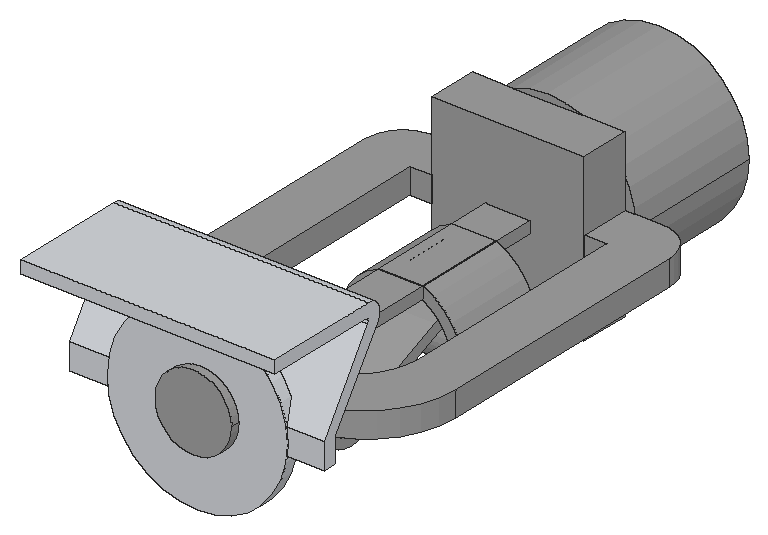
Revit family
Parameters (values of type "RASCO G HSW")
  Temperature Rating = 212 °F
  Response = (empty or 0)
  RASCO SIN # = "R1235"
  RASCO Part # = "GH2C"
  Pressure Rating = "175 PSI"
  Pressure Class = (empty or 0)
  Orifice Size = 1/2"
  Orifice = (empty or 0)
  Model = "G"
  Manufacturer = "RASCO"
  K-Factor = 5.62
  Description = "Chrome Finish"
  Coverage = (empty or 0)
Reference planes (in)
  plane 1 "Center (Front/Back)": y = 0
  plane 2: z = 0
  plane 3 "Center (Left/Right)": x = 0
Dimensions and locks (in)
  aligned and locked: plane 2 to level
Nested families (in)
  nested 1: "GH2C" at (0, 0, -0.74852), type "RASCO G HSW"
Connectors (in)
  piping at (-0.0055, 1.4375, 0.68898)
    settings: on nested 1, index 1, connector radius 0.43", flow factor 0, pipe flow 0 GPM, pressure drop 0.00 psi, fitting loss kfactor 0, connector angle 0.00°, fixture units 0, flow configuration 0, flow direction 0, fitting loss method 0, system type 7, connector reference index -1, connector utility 0, adjustable connector no, is connector primary yes, fitting loss table "", connector description ""
Definition of nested family "GH2C"
  Parameters (values of type "RASCO G HSW")
    Type Comments = ""
    Temperature Rating = 0 °F
    Response = (empty or 0)
    Pressure Rating = "0"
    Pressure Class = (empty or 0)
    Orifice Size = 0"
    Orifice = (empty or 0)
    Model = ""
    Manufacturer = ""
    K-Factor = 0
    Description = ""
    Coverage = (empty or 0)
    Assembly Code = ""
  Reference planes (in)
    plane 1 "Center (Front/Back)": y = 0
    plane 2: z = 0
    plane 3: x = -0.38065
    plane 4: x = 0.36935
    plane 5 "center": x = -0.00574
  Forms (in)
    Extrusion 1, solid, material "Default"
      sketch origin (-0.0055, 1.4375, 1.4375) x (-1, 0, 0) y (0, 0, -1)
        loop
          circle (0, 0) r 0.438
      from 0 to 0.6875
    Extrusion 2, solid, material "Default"
      sketch origin (0.11634, 0.75, 1.38573) x (-1, 0, 0) y (0, 0, -1)
        loop
          line (-0.2588, 0.356) -> (-0.2588, -0.4565) -> (0.4912, -0.4565) -> (0.4912, 0.356) -> (-0.2588, 0.356)
      from 0 to 0.25
    Extrusion 3, solid, material "Default"
      sketch origin (-0.0055, 1.4375, 1.4375) x (-1, 0, 0) y (0, -1, 0)
        loop
          line (-0.49248, 0.9375) -> (-0.49248, 2.10276)
          arc (-0.49248, 2.10276) -> (-0.40724, 2.30855) -> (-0.20145, 2.39379) r 0.29103
          line (-0.20145, 2.39379) -> (0.18108, 2.39379)
          arc (0.18108, 2.39379) -> (0.38905, 2.30765) -> (0.47519, 2.09969) r 0.29411
          line (0.47519, 2.09969) -> (0.47519, 0.9375) -> (0.36935, 0.9375) -> (0.36935, 0.6875) -> (0.55741, 0.6875)
          arc (0.55741, 0.6875) -> (0.69165, 0.7431) -> (0.74725, 0.87734) r 0.18984
          line (0.74725, 0.87734) -> (0.74725, 2.19113)
          arc (0.74725, 2.19113) -> (0.61669, 2.50631) -> (0.3015, 2.63687) r 0.44574
          line (0.3015, 2.63687) -> (-0.30719, 2.63687)
          arc (-0.30719, 2.63687) -> (-0.62225, 2.50637) -> (-0.75275, 2.19131) r 0.44556
          line (-0.75275, 2.19131) -> (-0.75275, 0.87876)
          arc (-0.75275, 0.87876) -> (-0.69673, 0.74352) -> (-0.56149, 0.6875) r 0.19126
          line (-0.56149, 0.6875) -> (-0.38065, 0.6875) -> (-0.38065, 0.9375) -> (-0.49248, 0.9375)
      from -0.06402 to 0.06098
    Extrusion 4, solid, material "Default"
      sketch origin (-0.00352, -1, 1.4375) x (1, 0, 0) y (0, 0, 1)
        loop
          circle (0.00574, -0.00152) r 0.1875
      from -0.04371 to 0.4375
    Extrusion 5, solid, material "Default"
      sketch origin (-0.0055, 0.5, 1.4375) x (1, 0, 0) y (0, 0, 1)
        loop
          line (-0.10175, -0.02852) -> (0.11324, -0.02852) -> (0.11324, 0.03101) -> (-0.10175, 0.03101) -> (-0.10175, -0.02852)
      from 0 to 1.45629
    Extrusion 6, solid, material "Default"
      sketch origin (0.00024, 1.51287, 1.447) x (0, 1, 0) y (0, 0, 1)
        loop
          line (-2.39379, 0.21198) -> (-2.39379, -0.229)
          arc (-2.39379, -0.229) -> (-2.26956, -0.41579) -> (-2.04926, -0.37342) r 0.20254
          arc (-2.04926, -0.37342) -> (-1.6599, -0.16721) -> (-1.22163, -0.12207) r 1.15319
          line (-1.22163, -0.12207) -> (-1.22163, -0.07087)
          arc (-1.22163, -0.07087) -> (-1.6782, -0.11947) -> (-2.0834, -0.33544) r 1.20419
          arc (-2.0834, -0.33544) -> (-2.24878, -0.36919) -> (-2.34279, -0.229) r 0.15154
          line (-2.34279, -0.229) -> (-2.34279, 0.21198) -> (-2.39379, 0.21198)
      from -0.17255 to 0.17398
    Extrusion 7, solid, material "Default"
      sketch origin (-0.0055, 1.4375, 1.4375) x (-1, 0, 0) y (0, 0, -1)
        loop
          arc (0.23993, 0.23051) -> (0.19768, 0.11115) -> (0.10175, 0.02852) r 0.24647
          line (0.10175, 0.02852) -> (-0.11324, 0.02852)
          arc (-0.11324, 0.02852) -> (-0.21767, 0.12447) -> (-0.25194, 0.2621) r 0.24647
          line (-0.25194, 0.2621) -> (-0.25194, 0.40777) -> (-0.30719, 0.40777) -> (-0.30719, 0.25942)
          arc (-0.30719, 0.25942) -> (-0.25653, 0.08328) -> (-0.11324, -0.03101) r 0.30157
          line (-0.11324, -0.03101) -> (0.10175, -0.03101)
          arc (0.10175, -0.03101) -> (0.24461, 0.08262) -> (0.29574, 0.25785) r 0.30157
          line (0.29574, 0.25785) -> (0.29574, 0.40777) -> (0.23993, 0.40777) -> (0.23993, 0.23051)
      from 1.14626 to 1.59756
    Extrusion 8, solid, material "Default"
      sketch origin (0.00024, 1.51287, 1.447) x (0, 1, 0) y (0, 0, 1)
        loop
          circle (-1.44728, -0.26892) r 0.13147
      from -0.24568 to 0.24619
  Cuts and joins
    joined: Extrusion 1, Extrusion 2
  Nested families (in)
    nested 1: "RASCO- F56H1B" at (-0.00574, -0.39016, 0.17609), type "RASCO F156 HSW"
  Definition of nested family "RASCO- F56H1B"
    Parameters (values of type "RASCO F156 HSW")
      Type Comments = ""
      Temperature Rating = 0 °F
      Response = (empty or 0)
      Pressure Rating = "0"
      Pressure Class = (empty or 0)
      Orifice Size = 0"
      Orifice = (empty or 0)
      Model = ""
      Manufacturer = ""
      K-Factor = 0
      Description = ""
      Coverage = (empty or 0)
      Assembly Code = ""
    Reference planes (in)
      plane 1 "Center (Front/Back)": y = 0
      plane 2: z = 0
      plane 3 "ref.2": z = 0.6875
      plane 4 "ref.3": z = 0.9375
      plane 5: x = -0.38065
      plane 6: x = 0.36935
      plane 7 "ref. side 1": y = 0.06402
      plane 8 "ref. side 2": y = -0.06098
      plane 9 "ref.4": z = 1.875
      plane 10 "ref.5": z = 2.3125
      plane 11 "ref.6": z = 2.4375
      plane 12 "center": x = -0.00574
    Forms (in)
      Extrusion 1, solid
        sketch origin (-0.01236, -0.89954, 1.2504) x (-1, 0, 0) y (0, 0, 1)
          loop
            circle (-0.00574, -0.00152) r 0.44275
        from -0.10531 to -0.03987
      Extrusion 2, solid
        sketch origin (-0.00662, 1.2679, 1.26334) x (0, -1, 0) y (0, 0, 1)
          loop
            line (2.27263, -0.06402) -> (2.27263, 0.06098) -> (2.00466, 0.4658)
            arc (2.00466, 0.4658) -> (2.00382, 0.48409) -> (2.01953, 0.49348) r 0.01783
            line (2.01953, 0.49348) -> (2.57559, 0.49348) -> (2.57559, 0.55848) -> (2.00257, 0.55848)
            arc (2.00257, 0.55848) -> (1.94355, 0.52319) -> (1.9467, 0.4545) r 0.067
            line (1.9467, 0.4545) -> (2.20719, 0.06098) -> (2.20719, -0.06402) -> (2.27263, -0.06402)
        from -0.62515 to 0.62904
